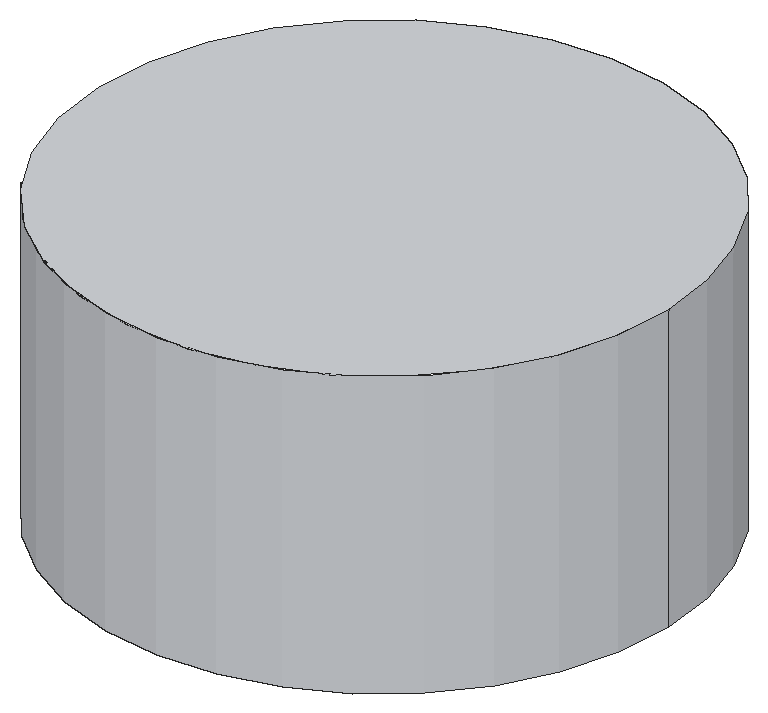
Revit family "ASF-12-C4", category Mechanical Equipment, Revit 2023
Family settings
  Round Connector Dimension = Use Diameter
  Classification = None
  Part Type = Normal
  OmniClass Number = 23.75.00.00
  OmniClass Title = Climate Control (HVAC)
  Work Plane-Based = No
  Always vertical = Yes
  Cut with Voids When Loaded = No
  Maintain Annotation Orientation = No
  Shared = No
  Room Calculation Point = No
Parameters (values of type "Standard")
  Default Elevation = 0' - 0"
  Connector_1_Diameter = 0' - 11 3/4"
Reference planes (in)
  plane 1 "Center (Front/Back)": y = 0
  plane 2: z = 0
  plane 3 "Center (Left/Right)": x = 0
Forms (in)
  Extrusion 1, solid
    sketch origin (0, 0, -12.46769) x (1, 0, 0) y (0, 1, 0)
      loop
        circle (0, 0) r 0.12
    from 0 to -0.12
Dimensions and locks (in)
  aligned and locked: plane 2 to level
Connectors (in)
  hvac at (0, 0, -12.46769), driven by "Connector_1_Diameter"
    settings: on Extrusion 1, index 1, duct flow 0 CFM, flow factor 0, pres drop 0.00 in-wg, loss coef 0, conn angle 0.00°, conn width 12", conn height 12", conn diameter 11 3/4", duct sys type 3, conn prof type 0, flow config 1, flow direction 1, loss method 0, conn ref index -1, conn util no, is conn primary yes, conn desc ""
